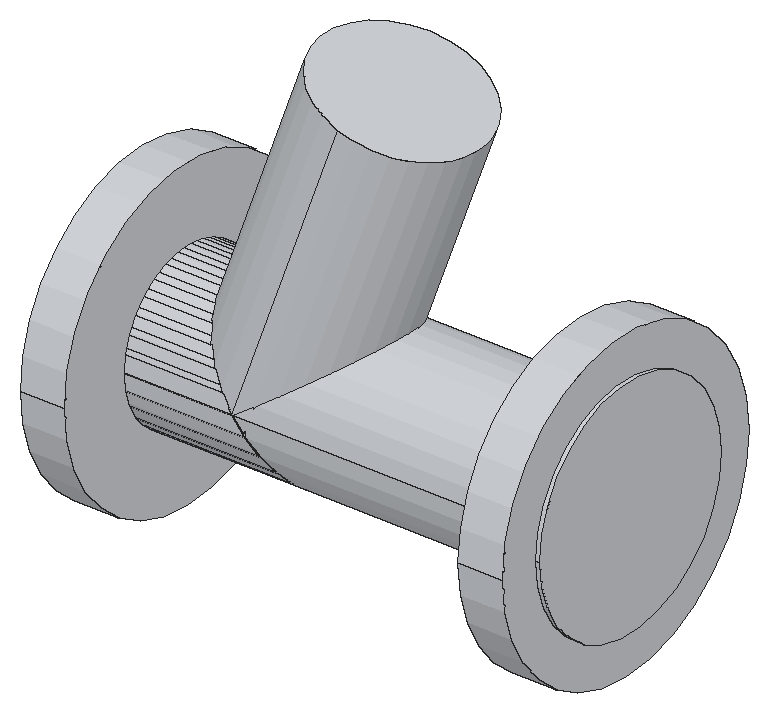
Revit family "447-DN125-RFA_2018", category Pipe Accessories, Revit 2018
Family settings
  Round Connector Dimension = Use Diameter
  Part Type = Valve - Breaks Into
  Work Plane-Based = No
  Always vertical = Yes
  Cut with Voids When Loaded = No
  Shared = No
Parameters (values of type "447-DN125")
  magiProductId = "02b47ccb17f74d08923d86f3fe118e"
  magiProductFamilyId = "b72cb932c1b3471491e3d369876ba1"
  magiPartTypeId = 304
  isMeasuringValve [instance] = no
  ang2D [instance] = 0.00°
  X2 = 86.541 mm
  X1 = 56 mm
  W2D = 100 mm
  VersionID = "2.0/2017.9.26.1/ZETKAMA_447_001"
  Use Minimum Symbol Size [instance] = yes
  URL = "http://www.hydronix.cz"
  Type Comments = "přírubový; PN16; -10~+120°C"
  S = 184 mm
  QmdConnectorList = "301;D;302;D"
  Productdata [instance] = ""
  Manufacturer = "Hydronix"
  MC Product Code = "447 125 (DN125; PN16 kvs285,1)"
  MC Piping Given Pressure Drop [instance] = 0.0 Pa
  LM1 = 32 mm
  LM = 320 mm
  L2D_Min = 3048 mm
  L2D = 350 mm
  L2 = 200 mm
  HH1 = 237.769 mm
  FD = 250 mm
  Description = "Ruční vyvažovací ventil přírubový; DN125; PN16; kvs285,1"
  DT = 130 mm
  D = 125 mm
  CC = 4 mm
  CAT0 = yes
  C1 = 36 mm
  C = 40 mm
Types (10, lengths in mm): name | magiProductId | X2 | X1 | S | MC Product Code | LM1 | LM | L2 | HH1 | FD | Description | DT | D | CC | C1 | C
  447-DN100 | "98b46d48787042dd9a812fc0797c69" | 79.261 | 49 | 156 | "447 100 (DN100; PN16 kvs184,7)" | 28 | 280 | 175 | 217.769 | 220 | "Ruční vyvažovací ventil přírubový; DN100; PN16; kvs184,7" | 130 | 100 | 3.5 | 31.5 | 35
  447-DN125 | "02b47ccb17f74d08923d86f3fe118e" | 86.541 | 56 | 184 | "447 125 (DN125; PN16 kvs285,1)" | 32 | 320 | 200 | 237.769 | 250 | "Ruční vyvažovací ventil přírubový; DN125; PN16; kvs285,1" | 130 | 125 | 4 | 36 | 40
  447-DN150 | "7f7b5672e2b748ca8839732ddacd1d" | 95.64 | 67.2 | 211 | "447 150 (DN150; PN16 kvs390,2)" | 38.4 | 384 | 240 | 262.769 | 285 | "Ruční vyvažovací ventil přírubový; DN150; PN16; kvs390,2" | 130 | 150 | 4.8 | 43.2 | 48
  447-DN200 | "e1019e6fc9b647ceac6d31797e2f53" | 155.411 | 84 | 266 | "447 200 (DN200; PN16 kvs710)" | 48 | 480 | 300 | 426.987 | 340 | "Ruční vyvažovací ventil přírubový; DN200; PN16; kvs710" | 310 | 200 | 6 | 54 | 60
  447-DN250 | "a0eac83e29f84220b7ba68901aa49e" | 171.789 | 102.2 | 319 | "447 250 (DN250; PN16 kvs1188)" | 58.4 | 584 | 365 | 471.987 | 405 | "Ruční vyvažovací ventil přírubový; DN250; PN16; kvs1188" | 310 | 250 | 7.3 | 65.7 | 73
  447-DN300 | "476300b2e87f4f20bd49d272c44436" | 175.429 | 119 | 370 | "447 300 (DN300; PN16 kvs1504)" | 68 | 680 | 425 | 481.987 | 460 | "Ruční vyvažovací ventil přírubový; DN300; PN16; kvs1504" | 310 | 300 | 8.5 | 76.5 | 85
  447-DN040 | "1b02107dafeb4f5588628c478854c2" | 42.71 | 28 | 84 | "447 040 (DN40; PN16 kvs22,36)" | 16 | 160 | 100 | 117.345 | 150 | "Ruční vyvažovací ventil přírubový; DN40; PN16; kvs22,36" | 74 | 40 | 2 | 18 | 20
  447-DN050 | "5ed7087ff739473a8b86e2dbbe5062" | 42.71 | 32.2 | 99 | "447 050 (DN50; PN16 kvs32,15)" | 18.4 | 184 | 115 | 117.345 | 165 | "Ruční vyvažovací ventil přírubový; DN50; PN16; kvs32,15" | 74 | 50 | 2.3 | 20.7 | 23
  447-DN065 | "bd77367604f142d88050bf73c88c7b" | 71.982 | 40.6 | 118 | "447 065 (DN65; PN16 kvs88,8)" | 23.2 | 232 | 145 | 197.769 | 185 | "Ruční vyvažovací ventil přírubový; DN65; PN16; kvs88,8" | 130 | 65 | 2.9 | 26.1 | 29
  447-DN080 | "7399fcf493614c92ad9035a8ac3adf" | 71.982 | 43.4 | 132 | "447 080 (DN80; PN16 kvs113,4)" | 24.8 | 248 | 155 | 197.769 | 200 | "Ruční vyvažovací ventil přírubový; DN80; PN16; kvs113,4" | 130 | 80 | 3.1 | 27.9 | 31
Reference planes
  plane 1 "Center (Front/Back)": y = 0
  plane 2 "XYPLANE": z = 0
  plane 3 "Center (Left/Right)": x = 0
  plane 4 "110": x = 14.541
  plane 5 "109": z = 237.769
  plane 6 "108": x = -72
  plane 7 "107": x = 196
  plane 8 "106": x = -196
  plane 9 "105": z = 0
  plane 10 "104": y = 0
  plane 11 "103": x = -200
  plane 12 "102": x = 200
  plane 13 "100": x = -160
  plane 14 "99": x = 160
  plane 15 "98": x = -128
Forms (mm)
  Extrusion 1, solid, visible <- "CAT0"
    sketch origin (-160, -750, 0) x (0, 1, 0) y (0, 0, 1)
      loop
        circle (750, 0) r 65
    from 0 to 320 <- "LM"
  Sweep 2, solid, visible <- "CAT0"
    path origin (750, 0, 0) x (-1, 0, 0) y (0, 0, 1)
      loop
        line (910, 0) -> (822, 0) -> (735.459, 237.769)
    profile origin (-160, 0, 0) x (0, 0, -1) y (0, 1, 0)
      loop
        circle (0, 0) r 65
  Extrusion 3, solid
    sketch origin (196, -750, 0) x (0, 1, 0) y (0, 0, 1)
      loop
        circle (750, 0) r 92
    from 0 to 4 <- "CC"
  Extrusion 4, solid
    sketch origin (160, -750, 0) x (0, 1, 0) y (0, 0, 1)
      loop
        circle (750, 0) r 125
    from 0 to 36 <- "C1"
  Extrusion 5, solid
    sketch origin (-196, -750, 0) x (0, 1, 0) y (0, 0, 1)
      loop
        circle (750, 0) r 125
    from 0 to 36 <- "C1"
  Extrusion 6, solid
    sketch origin (-200, -750, 0) x (0, 1, 0) y (0, 0, 1)
      loop
        circle (750, 0) r 92
    from 0 to 4 <- "CC"
  Extrusion 7, solid, not visible
    sketch origin (-200, -750, 0) x (0, 1, 0) y (0, 0, 1)
      loop
        circle (750, 0) r 10
    from 0 to 10
  Extrusion 8, solid, not visible
    sketch origin (200, -750, 0) x (0, 1, 0) y (0, 0, 1)
      loop
        circle (750, 0) r 10
    from 0 to -10
Lines and regions (mm)
  reference lines, not visible
    curve 1: circle (2, 2, 0) r 1 normal (0, 0, 1)
Dimensions and locks
  plane 1 "Center (Front/Back)" to curve 1 = 2 mm
  "X2": plane 6 "108" to plane 4 "110"
  "HH1": plane 2 "XYPLANE" to plane 5 "109"
  "X1": plane 15 "98" to plane 6 "108"
  "C1": plane 14 "99" to plane 7 "107"
  "CC": plane 11 "103" to plane 8 "106"
  locked: plane 2 "XYPLANE" to plane 9 "105"
  locked: plane 1 "Center (Front/Back)" to plane 10 "104"
  "L2": plane 3 "Center (Left/Right)" to plane 11 "103"
  "L2": plane 3 "Center (Left/Right)" to plane 12 "102"
  "C": plane 11 "103" to plane 13 "100"
  "LM": plane 13 "100" to plane 14 "99"
  "LM1": plane 13 "100" to plane 15 "98"
  Sweep 2 sketch curve to Sweep 2 sketch curve = 0 mm  (x2)
  "DT": diameter of Extrusion 1 sketch curve
  "DT": diameter of Sweep 2 sketch curve
  "S": diameter of Extrusion 3 sketch curve
  "FD": diameter of Extrusion 4 sketch curve
  "FD": diameter of Extrusion 5 sketch curve
  "S": diameter of Extrusion 6 sketch curve
  aligned and locked: level to plane 2 "XYPLANE"
  aligned and locked: plane 9 "105" to Extrusion 1 sketch curve
  aligned and locked: Extrusion 1 sketch curve to plane 10 "104"
  aligned and locked: plane 9 "105" to Sweep 2 sketch curve  (x3)
  aligned and locked: Sweep 2 sketch curve to plane 10 "104"
  aligned and locked: plane 13 "100" to Sweep 2 sketch curve
  aligned and locked: plane 6 "108" to Sweep 2 sketch curve
  aligned and locked: plane 4 "110" to Sweep 2 sketch curve
  aligned and locked: plane 5 "109" to Sweep 2 sketch curve
  aligned and locked: plane 9 "105" to Extrusion 3 sketch curve
  aligned and locked: Extrusion 3 sketch curve to plane 10 "104"
  aligned and locked: plane 9 "105" to Extrusion 4 sketch curve
  aligned and locked: Extrusion 4 sketch curve to plane 10 "104"
  aligned and locked: plane 9 "105" to Extrusion 5 sketch curve
  aligned and locked: Extrusion 5 sketch curve to plane 10 "104"
  aligned and locked: plane 9 "105" to Extrusion 6 sketch curve
  aligned and locked: Extrusion 6 sketch curve to plane 10 "104"
  aligned and locked: plane 9 "105" to Extrusion 7 sketch curve
  aligned and locked: Extrusion 7 sketch curve to plane 10 "104"
  aligned and locked: plane 9 "105" to Extrusion 8 sketch curve
  aligned and locked: Extrusion 8 sketch curve to plane 10 "104"
Automatic sketch dimensions
  plane 1 "Center (Front/Back)" to Extrusion 7 sketch curve = 10 mm
  plane 1 "Center (Front/Back)" to Extrusion 8 sketch curve = 10 mm
  plane 3 "Center (Left/Right)" to curve 1 = 2 mm
  radius of curve 1 = 1 mm
Connectors
  piping at (-200, 0, 0), diameter 125, driven by "D"
    settings: on Extrusion 7, index 1, connector inside diameter 609.6 mm, connector length 0 mm, flow factor 0, pipe flow 0.0 L/s, pressure drop 0.0 Pa, fitting loss kfactor 0, connector angle 0.00°, fixture units 0, engagement length 0 mm, angle of deflection 0.00°, flow configuration 0, flow direction 0, fitting loss method 0, system type 29, joint type 0, gender type 0, connector reference index 2, connector utility 0, adjustable connector no, is connector primary yes, connector description ""
  piping at (200, 0, 0), diameter 125, driven by "D"
    settings: on Extrusion 8, index 2, connector inside diameter 609.6 mm, connector length 0 mm, flow factor 0, pipe flow 0.0 L/s, pressure drop 0.0 Pa, fitting loss kfactor 0, connector angle 0.00°, fixture units 0, engagement length 0 mm, angle of deflection 0.00°, flow configuration 0, flow direction 0, fitting loss method 0, system type 29, joint type 0, gender type 0, connector reference index 1, connector utility 0, adjustable connector no, is connector primary no, connector description ""
